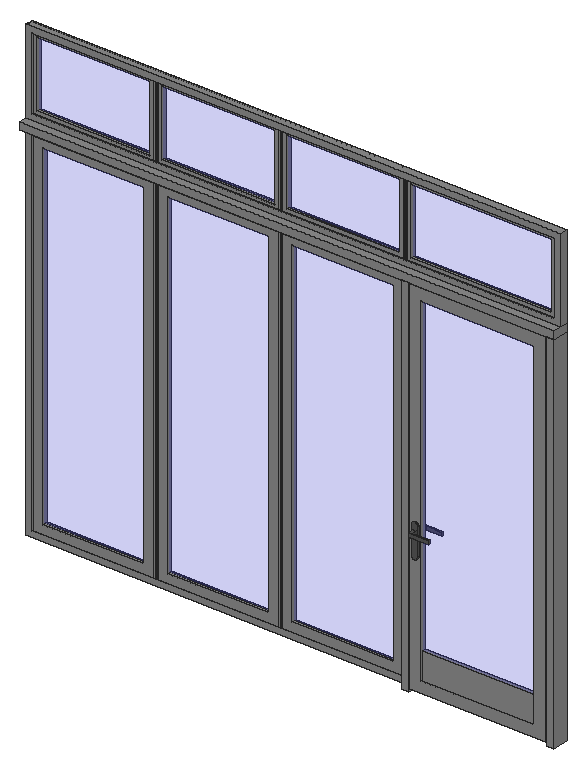
Revit family "Door_Swing Door_The Sliding Door Company_Single Door with Column Beam & Transom_3 Fixed Panel", category Doors, host Wall, Revit 2019
Family settings
  Host = Wall
  OmniClass Number = 23.30.10.00
  OmniClass Title = Doors
  Always vertical = Yes
  Cut with Voids When Loaded = No
  Shared = No
  Room Calculation Point = No
Parameters (values of type "Single Swing Door with Transom & 3 Fixed Panel")
  URL = "https://www.slidingdoorco.com"
  Thickness = 1 1/4"  # constant formula
  Transom Stile/Rail = 1 1/2"
  Transom Panel Height = Transom Order Height - 1 1/2"  # 20 1/2"
  Transom Order Width = SD Order Width + Column at Hinge Side + Column at Handle Side + FP Order Width  # 140"
  Transom Order Height = Finished Opening Height - SD Order Height - Beam  # 22"
  SD Top Side Gap = 1/4"  # constant formula
  Swing Angle [instance] = 90.00°
  SD Stile/Rail = 3"  # constant formula
  Stile, Rail, Door Stop, Kickplate, Column & Beam Material [instance] = TSDC - Powder Coat Charcoal Gray
  Round Designer Handle Finish [instance] = TSDC - Handle Black
  Push Round Designer Handle 12" = no
  Push Lever Set = yes
  Push Kickplate = yes
  Pull Round Designer Handle 12" = no
  SD Panel Width = Width - 3/8"  # 35 5/8"
  SD Panel Height = Height - 7/8"  # 95 1/8"
  PUSH = not(PULL)  # yes
  PULL = no
  Overall System Width = FP Order Width + Width + Column at Handle Side + Column at Hinge Side  # 140"
  Overall System Height = SD Order Height + Beam + Transom Order Height  # 120"
  SD Opening Clearance Height = Height - 1" / 2  # 95 1/2"
  SD Opening Clearance Width = Width - 5" / 8 - 1 7/8"  # 33 1/2"
  Model = "Swing Door with Column & Beam + Transom + 3 Fixed Panel"  # constant formula
  Maximum Transom Order Height = "48 inches"  # constant formula
  Maximum Door Panel Width = "40 inches"  # constant formula
  Maximum Door Panel Height = "108 inches"  # constant formula
  Maximum Door Swing = "120 degress"  # constant formula
  Manufacturer = "The Sliding Door Company"  # constant formula
  Pull Lever Set = no
  Pull Kickplate = no
  Lever Handle Finish [instance] = TSDC - Handle Black
  SD Hinge Side Gap = 1/4"  # constant formula
  SD Handle Side Gap = 1/8"  # constant formula
  Glass Material [instance] = TSDC - Clear Glass
  FP Glass Limitation = "Panel Width x System Height cannot exceed 7,400 square inches"  # constant formula
  Function = Interior
  Frame Projection Ext. = 1"
  Frame Projection Int. = 1"
  Frame Width = 3"
  Height = if(SD Order Height > 108 7/8", 108 7/8", SD Order Height)  # 96"
  Wall Closure = By host
  Width = if(SD Order Width > 40 3/8", 40 3/8", SD Order Width)  # 36"
  Fire Rating = "N/A"  # constant formula
  FP Stile/Rail = 3"
  FP Panel Width = (FP Order Width - 2" - 3/16") / 3  # 32.60417"
  FP Panel Height = FP Order Height - 1 1/2"  # 94 1/2"
  FP Order Width = Finished Opening Width - Width - Column at Handle Side - Column at Hinge Side  # 100"
  FP Order Height = Height  # 96"
  SD Order Width = 36"
  SD Order Height = 96"
  FP 3" Frame (No Support Dividers) = "Max. H=122 in. Max. W=52 in. panel width"  # constant formula
  FP 1 1/2" Frame (No Support Dividers) = "Max. H=108 in. Max. W=50 in. panel width"  # constant formula
  Finished Opening Width = 140"
  Finished Opening Height = 120"
  Description = "Swing Door with Column & Beam + Transom + 3 Fixed Panel"  # constant formula
  Contact Information = "https://www.slidingdoorco.com/contact"
  Column at Hinge Side = 2"
  ADA Opening Clearance = "Minimum of 32 inches Opening Clearance"  # constant formula
  SD Bottom Side Gap = 5/8"  # constant formula
  Column at Handle Side = 2"
  Beam = 2"
  Column & Beam Sizes = "Available Only in 2x4 & 4x4 Sizes"  # constant formula
Reference planes (in)
  plane 1 "Center (Front/Back)": y = 0
  plane 2 "Center (Left/Right)": x = 0
  plane 3 "Left": x = -18
  plane 4 "Right": x = 18
  plane 5 "Top": z = 96
  plane 6 "Exterior": y = 3
  plane 7 "Interior": y = -3
  plane 8 "hinge": x = 17.75
  plane 9 "handle": x = -17.875
  plane 10 "top side": z = 95.75
  plane 11 "bottom side": z = 0.625
  plane 12: x = -17.375
  plane 13: x = 16.125
  plane 14: y = 1.75
  plane 15: z = 36
  plane 16: z = 38
  plane 17: z = 10.625
  plane 18: x = -20
  plane 19: x = 20
  plane 20: y = -1
  plane 21: z = 98
  plane 22: x = -120
  plane 23: z = 0.75
  plane 24: x = -119
  plane 25: x = -21
  plane 26: x = -86.3333333
  plane 27: x = -86.3958333
  plane 28: x = -86.3020833
  plane 29: x = -53.6666667
  plane 30: x = -53.6979167
  plane 31: x = -53.6041667
  plane 32: z = 95.25
  plane 33: z = 120
  plane 34: x = 19
  plane 35: z = 119.25
  plane 36: z = 98.75
  plane 37: x = -20.90625
  plane 38: y = 0.25
Forms (in)
  Extrusion 1, solid, material "TSDC - Powder Coat Charcoal Gray" <- "Stile, Rail, Door Stop, Kickplate, Column & Beam Material", visible <- "PULL"
    sketch origin (0, 0, 0) x (1, 0, 0) y (0, 0, 1)
      loop
        line (17.75, 95.75) -> (-17.875, 95.75) -> (-17.875, 0.625) -> (17.75, 0.625) -> (17.75, 95.75)
      loop
        line (14.75, 92.75) -> (-14.875, 92.75) -> (-14.875, 3.625) -> (14.75, 3.625) -> (14.75, 92.75)
    from -3 to -1.75
  Extrusion 2, solid, material "TSDC - Clear Glass" <- "Glass Material", visible <- "PULL"
    sketch origin (0, 0, 0) x (1, 0, 0) y (0, 0, 1)
      loop
        line (14.75, 92.75) -> (-14.875, 92.75) -> (-14.875, 3.625) -> (14.75, 3.625) -> (14.75, 92.75)
    from -2.5 to -2.2773437
  Sweep 3, solid, not visible
    path origin (0, 0, 0) x (1, 0, 0) y (0, 0, 1)
      loop
        line (-20, 0) -> (-20, 108) -> (16.125, 108) -> (16.125, 0)
    profile origin (-20, 0, 54) x (-1, 0, 0) y (0, -1, 0)
      loop
        line (-0.4350682, -0.2853449) -> (-0.3716442, -0.3219628) -> (-0.3261896, -0.2957196) -> (-0.2788586, -0.3103573) -> (0, -0.3103573) -> (0, 0.9818302) -> (-0.274122, 0.9818302) -> (-0.3244755, 0.9662578) -> (-0.3779955, 0.9923612) -> (-0.4376557, 0.9579164)
        arc (-0.4376557, 0.9579164) -> (-0.4452512, 0.9295695) -> (-0.4169043, 0.921974) r 0.0207514
        line (-0.4169043, 0.921974) -> (-0.3760036, 0.945588) -> (-0.3150881, 0.9104184) -> (-0.2694227, 0.9367833) -> (-0.079, 0.9367833) -> (-0.079, -0.2672636) -> (-0.2694227, -0.2672636) -> (-0.3150881, -0.2408986) -> (-0.3750271, -0.2755044) -> (-0.4157969, -0.2519659)
        arc (-0.4157969, -0.2519659) -> (-0.442122, -0.2590197) -> (-0.4350682, -0.2853449) r 0.0192714
      loop
        arc (-0.3932442, -0.6690036) -> (-0.2465, -0.7110937) -> (-0.0997558, -0.6690036) r 0.2768517
        line (-0.0997558, -0.6690036) -> (-0.0917465, -0.5659293) -> (-0.2465, -0.5190055) -> (-0.4012535, -0.5659293) -> (-0.3932442, -0.6690036)
      loop
        line (-0.3245894, 0.9760109) -> (-0.2695482, 0.9955489) -> (0, 0.9955489) -> (0, 1.0467364) -> (-0.512, 1.0467364) -> (-0.512, -0.4532636) -> (-0.325, -0.4532636) -> (-0.325, -0.4181698) -> (-0.394, -0.4181698) -> (-0.394, -0.3694042) -> (-0.099, -0.3694042) -> (-0.099, -0.4181698) -> (-0.168, -0.4181698) -> (-0.168, -0.4532636) -> (0, -0.4532636) -> (0, -0.3182167) -> (-0.2819282, -0.3182167) -> (-0.3251091, -0.3048624) -> (-0.3657274, -0.3302167) -> (-0.457, -0.3302167) -> (-0.457, 1.0016896) -> (-0.3657275, 1.0016896) -> (-0.3245894, 0.9760109)
      loop
        line (-0.0665, -0.6928078) -> (-0.0546726, -0.5405971) -> (-0.1979034, -0.4971673) -> (-0.1979034, -0.411631) -> (-0.1274176, -0.411631) -> (-0.1274176, -0.3790309) -> (-0.3655824, -0.3790309) -> (-0.3655824, -0.411631) -> (-0.2950966, -0.411631) -> (-0.2950966, -0.4971673) -> (-0.4383274, -0.5405971) -> (-0.4265, -0.6928078)
        arc (-0.4265, -0.6928078) -> (-0.3630851, -0.7351291) -> (-0.2883072, -0.7499888) r 0.1955799
        line (-0.2883072, -0.7499888) -> (-0.2047666, -0.7499888)
        arc (-0.2047666, -0.7499888) -> (-0.1299546, -0.7351296) -> (-0.0665, -0.6928078) r 0.1957584
  Sweep 4, solid, not visible
    path origin (2, 0, 0) x (1, 0, 0) y (0, 0, 1)
      loop
        line (-20, 0) -> (-20, 96) -> (16, 96) -> (16, 0)
    profile origin (-18, 0, 48) x (-1, 0, 0) y (0, -1, 0)
      loop
        line (-0.4350682, -0.2853449) -> (-0.3716442, -0.3219628) -> (-0.3261896, -0.2957196) -> (-0.2788586, -0.3103573) -> (0, -0.3103573) -> (0, 0.9818302) -> (-0.274122, 0.9818302) -> (-0.3244755, 0.9662578) -> (-0.3779955, 0.9923612) -> (-0.4376557, 0.9579164)
        arc (-0.4376557, 0.9579164) -> (-0.4452512, 0.9295695) -> (-0.4169043, 0.921974) r 0.0207514
        line (-0.4169043, 0.921974) -> (-0.3760036, 0.945588) -> (-0.3150881, 0.9104184) -> (-0.2694227, 0.9367833) -> (-0.079, 0.9367833) -> (-0.079, -0.2672636) -> (-0.2694227, -0.2672636) -> (-0.3150881, -0.2408986) -> (-0.3750271, -0.2755044) -> (-0.4157969, -0.2519659)
        arc (-0.4157969, -0.2519659) -> (-0.442122, -0.2590197) -> (-0.4350682, -0.2853449) r 0.0192714
      loop
        arc (-0.3932442, -0.6690036) -> (-0.2465, -0.7110937) -> (-0.0997558, -0.6690036) r 0.2768517
        line (-0.0997558, -0.6690036) -> (-0.0917465, -0.5659293) -> (-0.2465, -0.5190055) -> (-0.4012535, -0.5659293) -> (-0.3932442, -0.6690036)
      loop
        line (-0.3245894, 0.9760109) -> (-0.2695482, 0.9955489) -> (0, 0.9955489) -> (0, 1.0467364) -> (-0.512, 1.0467364) -> (-0.512, -0.4532636) -> (-0.325, -0.4532636) -> (-0.325, -0.4181698) -> (-0.394, -0.4181698) -> (-0.394, -0.3694042) -> (-0.099, -0.3694042) -> (-0.099, -0.4181698) -> (-0.168, -0.4181698) -> (-0.168, -0.4532636) -> (0, -0.4532636) -> (0, -0.3182167) -> (-0.2819282, -0.3182167) -> (-0.3251091, -0.3048624) -> (-0.3657274, -0.3302167) -> (-0.457, -0.3302167) -> (-0.457, 1.0016896) -> (-0.3657275, 1.0016896) -> (-0.3245894, 0.9760109)
      loop
        line (-0.0665, -0.6928078) -> (-0.0546726, -0.5405971) -> (-0.1979034, -0.4971673) -> (-0.1979034, -0.411631) -> (-0.1274176, -0.411631) -> (-0.1274176, -0.3790309) -> (-0.3655824, -0.3790309) -> (-0.3655824, -0.411631) -> (-0.2950966, -0.411631) -> (-0.2950966, -0.4971673) -> (-0.4383274, -0.5405971) -> (-0.4265, -0.6928078)
        arc (-0.4265, -0.6928078) -> (-0.3630851, -0.7351291) -> (-0.2883072, -0.7499888) r 0.1955799
        line (-0.2883072, -0.7499888) -> (-0.2047666, -0.7499888)
        arc (-0.2047666, -0.7499888) -> (-0.1299546, -0.7351296) -> (-0.0665, -0.6928078) r 0.1957584
  Extrusion 5, solid, material "TSDC - Powder Coat Charcoal Gray" <- "Stile, Rail, Door Stop, Kickplate, Column & Beam Material", visible <- "PULL"
    sketch origin (0, 0, 0) x (1, 0, 0) y (0, 0, 1)
      loop
        line (-18, 96) -> (-18, 0) -> (-17.5, 0) -> (-17.5, 95.5) -> (17.5, 95.5) -> (17.5, 0) -> (18, 0) -> (18, 96) -> (-18, 96)
    from -1.75 to 0
  Extrusion 6, solid, not visible
    sketch origin (0, -1.25, 0) x (1, 0, 0) y (0, 1, 0)
      loop
        line (-18.6875, 2.625) -> (-18.6875, 0.8125)
        arc (-18.6875, 0.8125) -> (-18.375, 1.125) -> (-18.0625, 0.8125) r 0.3125
        line (-18.0625, 0.8125) -> (-18.0625, 2.625) -> (-18.6875, 2.625)
    from 1 to 1.75
  Extrusion 7, solid, not visible
    sketch origin (0, -1.25, 0) x (1, 0, 0) y (0, 1, 0)
      loop
        line (-18.6875, 2.625) -> (-18.6875, 0.8125)
        arc (-18.6875, 0.8125) -> (-18.375, 1.125) -> (-18.0625, 0.8125) r 0.3125
        line (-18.0625, 0.8125) -> (-18.0625, 2.625) -> (-18.6875, 2.625)
    from 10.25 to 11
  Extrusion 8, solid, not visible
    sketch origin (0, 0.0841657, 0) x (1, 0, 0) y (0, 1, 0)
      loop
        circle (-18.3735619, -0.521669) r 0.3125
    from 0 to 12
  Extrusion 9, solid, material "TSDC - Powder Coat Charcoal Gray" <- "Stile, Rail, Door Stop, Kickplate, Column & Beam Material", visible <- "Pull Kickplate"
    sketch origin (0, 0, 0) x (1, 0, 0) y (0, 1, 0)
      loop
        line (-14.875, 2.875) -> (-14.875, 1.875) -> (14.75, 1.875) -> (14.75, 2.875) -> (-14.875, 2.875)
    from 3.625 to 10.625
  Extrusion 10, solid, material "TSDC - Powder Coat Charcoal Gray" <- "Stile, Rail, Door Stop, Kickplate, Column & Beam Material"
    sketch origin (0, 0, 0) x (1, 0, 0) y (0, 1, 0)
      loop
        line (-18, 3) -> (-20, 3) -> (-20, -1) -> (-18, -1) -> (-18, 3)
    from 0 to 96
  Extrusion 11, solid, material "TSDC - Powder Coat Charcoal Gray" <- "Stile, Rail, Door Stop, Kickplate, Column & Beam Material"
    sketch origin (0, 0, 0) x (1, 0, 0) y (0, 1, 0)
      loop
        line (20, 3) -> (18, 3) -> (18, -1) -> (20, -1) -> (20, 3)
    from 0 to 96
  Extrusion 12, solid, material "TSDC - Powder Coat Charcoal Gray" <- "Stile, Rail, Door Stop, Kickplate, Column & Beam Material"
    sketch origin (0, 0, 0) x (1, 0, 0) y (0, 0, 1)
      loop
        line (20, 98) -> (-120, 98) -> (-120, 96) -> (20, 96) -> (20, 98)
    from -3 to 1
  Extrusion 13, solid, material "TSDC - Powder Coat Charcoal Gray" <- "Stile, Rail, Door Stop, Kickplate, Column & Beam Material"
    sketch origin (0, 0, 0) x (1, 0, 0) y (0, 0, 1)
      loop
        line (-119, 95.25) -> (-119, 0.75) -> (-86.3958333, 0.75) -> (-86.3958333, 95.25) -> (-119, 95.25)
      loop
        line (-116, 92.25) -> (-116, 3.75) -> (-89.3958333, 3.75) -> (-89.3958333, 92.25) -> (-116, 92.25)
    from -2.6498 to -1.3998
  Extrusion 14, solid, material "TSDC - Powder Coat Charcoal Gray" <- "Stile, Rail, Door Stop, Kickplate, Column & Beam Material"
    sketch origin (0, 0, 0) x (1, 0, 0) y (0, 0, 1)
      loop
        line (-86.3020833, 95.25) -> (-86.3020833, 0.75) -> (-53.6979167, 0.75) -> (-53.6979167, 95.25) -> (-86.3020833, 95.25)
      loop
        line (-56.6979167, 3.75) -> (-56.6979167, 92.25) -> (-83.3020833, 92.25) -> (-83.3020833, 3.75) -> (-56.6979167, 3.75)
    from -2.6498 to -1.3998
  Extrusion 15, solid, material "TSDC - Powder Coat Charcoal Gray" <- "Stile, Rail, Door Stop, Kickplate, Column & Beam Material"
    sketch origin (0, 0, 0) x (1, 0, 0) y (0, 0, 1)
      loop
        line (-53.6041667, 95.25) -> (-53.6041667, 0.75) -> (-21, 0.75) -> (-21, 95.25) -> (-53.6041667, 95.25)
      loop
        line (-24, 3.75) -> (-24, 92.25) -> (-50.6041667, 92.25) -> (-50.6041667, 3.75) -> (-24, 3.75)
    from -2.6498 to -1.3998
  Extrusion 16, solid, material "TSDC - Clear Glass" <- "Glass Material"
    sketch origin (0, 0, 0) x (1, 0, 0) y (0, 0, 1)
      loop
        line (-116, 92.25) -> (-116, 3.75) -> (-89.3958333, 3.75) -> (-89.3958333, 92.25) -> (-116, 92.25)
    from -2.1498 to -1.8998
  Extrusion 17, solid, material "TSDC - Clear Glass" <- "Glass Material"
    sketch origin (0, 0, 0) x (1, 0, 0) y (0, 0, 1)
      loop
        line (-83.3020833, 92.25) -> (-83.3020833, 3.75) -> (-56.6979167, 3.75) -> (-56.6979167, 92.25) -> (-83.3020833, 92.25)
    from -2.1498 to -1.8998
  Extrusion 18, solid, material "TSDC - Clear Glass" <- "Glass Material"
    sketch origin (0, 0, 0) x (1, 0, 0) y (0, 0, 1)
      loop
        line (-50.6041667, 92.25) -> (-50.6041667, 3.75) -> (-24, 3.75) -> (-24, 92.25) -> (-50.6041667, 92.25)
    from -2.1498 to -1.8998
  Extrusion 19, solid, material "TSDC - Powder Coat Charcoal Gray" <- "Stile, Rail, Door Stop, Kickplate, Column & Beam Material"
    sketch origin (0, 0, 0) x (1, 0, 0) y (0, 1, 0)
      loop
        line (-86.7864583, 2.6888625) -> (-86.7864583, 2.6498) -> (-86.3958333, 2.6498) -> (-86.3958333, 1.3998) -> (-86.7864583, 1.3998) -> (-86.7864583, 1.3607375) -> (-85.9114583, 1.3607375) -> (-85.9114583, 1.3998) -> (-86.3020833, 1.3998) -> (-86.3020833, 2.6498) -> (-85.9114583, 2.6498) -> (-85.9114583, 2.6888625) -> (-86.7864583, 2.6888625)
    from 1.5 to 96
  Extrusion 20, solid, material "TSDC - Powder Coat Charcoal Gray" <- "Stile, Rail, Door Stop, Kickplate, Column & Beam Material"
    sketch origin (0, 0, 0) x (1, 0, 0) y (0, 1, 0)
      loop
        line (-54.0885417, 2.6888625) -> (-54.0885417, 2.6498) -> (-53.6979167, 2.6498) -> (-53.6979167, 1.3998) -> (-54.0885417, 1.3998) -> (-54.0885417, 1.3607375) -> (-53.2135417, 1.3607375) -> (-53.2135417, 1.3998) -> (-53.6041667, 1.3998) -> (-53.6041667, 2.6498) -> (-53.2135417, 2.6498) -> (-53.2135417, 2.6888625) -> (-54.0885417, 2.6888625)
    from 1.5 to 96
  Sweep 21, solid, material "TSDC - Powder Coat Charcoal Gray" <- "Stile, Rail, Door Stop, Kickplate, Column & Beam Material"
    path origin (0, 0, 0) x (1, 0, 0) y (0, 0, 1)
      loop
        line (-120, 96) -> (-120, 0) -> (-20, 0) -> (-20, 96) -> (-120, 96)
    profile origin (-120, 0, 48) x (0, -1, 0) y (1, 0, 0)
      loop
        line (-3, 0) -> (-1.0248, 0) -> (-1.0248, 1.5) -> (-1.3607375, 1.5) -> (-1.3607375, 0.0625) -> (-2.6888625, 0.0625) -> (-2.6888625, 1.5) -> (-3, 1.5) -> (-3, 0)
  Sweep 22, solid, material "TSDC - Powder Coat Charcoal Gray" <- "Stile, Rail, Door Stop, Kickplate, Column & Beam Material"
    path origin (0, 0, 0) x (1, 0, 0) y (0, 0, 1)
      loop
        line (-120, 120) -> (-120, 98) -> (20, 98) -> (20, 120) -> (-120, 120)
    profile origin (-120, 0, 109) x (0, -1, 0) y (1, 0, 0)
      loop
        line (-3, 0) -> (-1.0248, 0) -> (-1.0248, 1.5) -> (-1.3607375, 1.5) -> (-1.3607375, 0.0625) -> (-2.6888625, 0.0625) -> (-2.6888625, 1.5) -> (-3, 1.5) -> (-3, 0)
  Extrusion 23, solid, material "TSDC - Powder Coat Charcoal Gray" <- "Stile, Rail, Door Stop, Kickplate, Column & Beam Material"
    sketch origin (0, 0, 0) x (1, 0, 0) y (0, 0, 1)
      loop
        line (19, 119.25) -> (-20.90625, 119.25) -> (-20.90625, 98.75) -> (19, 98.75) -> (19, 119.25)
      loop
        line (17.5, 117.75) -> (-19.40625, 117.75) -> (-19.40625, 100.25) -> (17.5, 100.25) -> (17.5, 117.75)
    from -2.6498 to -1.3998
  Extrusion 24, solid, material "TSDC - Powder Coat Charcoal Gray" <- "Stile, Rail, Door Stop, Kickplate, Column & Beam Material"
    sketch origin (0, 0, 0) x (1, 0, 0) y (0, 0, 1)
      loop
        line (-119, 119.25) -> (-119, 98.75) -> (-86.3958333, 98.75) -> (-86.3958333, 119.25) -> (-119, 119.25)
      loop
        line (-117.5, 117.75) -> (-117.5, 100.25) -> (-87.8958333, 100.25) -> (-87.8958333, 117.75) -> (-117.5, 117.75)
    from -2.6498 to -1.3998
  Extrusion 25, solid, material "TSDC - Powder Coat Charcoal Gray" <- "Stile, Rail, Door Stop, Kickplate, Column & Beam Material"
    sketch origin (0, 0, 0) x (1, 0, 0) y (0, 0, 1)
      loop
        line (-86.3020833, 119.25) -> (-86.3020833, 98.75) -> (-53.6979167, 98.75) -> (-53.6979167, 119.25) -> (-86.3020833, 119.25)
      loop
        line (-84.8020833, 117.75) -> (-84.8020833, 100.25) -> (-55.1979167, 100.25) -> (-55.1979167, 117.75) -> (-84.8020833, 117.75)
    from -2.6498 to -1.3998
  Extrusion 26, solid, material "TSDC - Powder Coat Charcoal Gray" <- "Stile, Rail, Door Stop, Kickplate, Column & Beam Material"
    sketch origin (0, 0, 0) x (1, 0, 0) y (0, 0, 1)
      loop
        line (-53.6041667, 119.25) -> (-53.6041667, 98.75) -> (-21, 98.75) -> (-21, 119.25) -> (-53.6041667, 119.25)
      loop
        line (-52.1041667, 117.75) -> (-52.1041667, 100.25) -> (-22.5, 100.25) -> (-22.5, 117.75) -> (-52.1041667, 117.75)
    from -2.6498 to -1.3998
  Extrusion 27, solid, material "TSDC - Clear Glass" <- "Glass Material"
    sketch origin (0, 0, 0) x (1, 0, 0) y (0, 0, 1)
      loop
        line (-117.5, 117.75) -> (-117.5, 100.25) -> (-87.8958333, 100.25) -> (-87.8958333, 117.75) -> (-117.5, 117.75)
    from -2.1498 to -1.8998
  Extrusion 28, solid, material "TSDC - Clear Glass" <- "Glass Material"
    sketch origin (0, 0, 0) x (1, 0, 0) y (0, 0, 1)
      loop
        line (-84.8020833, 117.75) -> (-84.8020833, 100.25) -> (-55.1979167, 100.25) -> (-55.1979167, 117.75) -> (-84.8020833, 117.75)
    from -2.1498 to -1.8998
  Extrusion 29, solid, material "TSDC - Clear Glass" <- "Glass Material"
    sketch origin (0, 0, 0) x (1, 0, 0) y (0, 0, 1)
      loop
        line (-52.1041667, 117.75) -> (-52.1041667, 100.25) -> (-22.5, 100.25) -> (-22.5, 117.75) -> (-52.1041667, 117.75)
    from -2.1498 to -1.8998
  Extrusion 30, solid, material "TSDC - Clear Glass" <- "Glass Material"
    sketch origin (0, 0, 0) x (1, 0, 0) y (0, 0, 1)
      loop
        line (-19.40625, 117.75) -> (-19.40625, 100.25) -> (17.5, 100.25) -> (17.5, 117.75) -> (-19.40625, 117.75)
    from -2.1498 to -1.8998
  Extrusion 31, solid, material "TSDC - Powder Coat Charcoal Gray" <- "Stile, Rail, Door Stop, Kickplate, Column & Beam Material"
    sketch origin (0, 0, 0) x (1, 0, 0) y (0, 1, 0)
      loop
        line (-86.7864583, 2.6888625) -> (-86.7864583, 2.6498) -> (-86.3958333, 2.6498) -> (-86.3958333, 1.3998) -> (-86.7864583, 1.3998) -> (-86.7864583, 1.3607375) -> (-85.9114583, 1.3607375) -> (-85.9114583, 1.3998) -> (-86.3020833, 1.3998) -> (-86.3020833, 2.6498) -> (-85.9114583, 2.6498) -> (-85.9114583, 2.6888625) -> (-86.7864583, 2.6888625)
    from 98.75 to 119.25
  Extrusion 32, solid, material "TSDC - Powder Coat Charcoal Gray" <- "Stile, Rail, Door Stop, Kickplate, Column & Beam Material"
    sketch origin (0, 0, 0) x (1, 0, 0) y (0, 1, 0)
      loop
        line (-54.0885417, 2.6888625) -> (-54.0885417, 2.6498) -> (-53.6979167, 2.6498) -> (-53.6979167, 1.3998) -> (-54.0885417, 1.3998) -> (-54.0885417, 1.3607375) -> (-53.2135417, 1.3607375) -> (-53.2135417, 1.3998) -> (-53.6041667, 1.3998) -> (-53.6041667, 2.6498) -> (-53.2135417, 2.6498) -> (-53.2135417, 2.6888625) -> (-54.0885417, 2.6888625)
    from 98.75 to 119.25
  Extrusion 33, solid, material "TSDC - Powder Coat Charcoal Gray" <- "Stile, Rail, Door Stop, Kickplate, Column & Beam Material"
    sketch origin (0, 0, 0) x (1, 0, 0) y (0, 1, 0)
      loop
        line (-21.390625, 2.6888625) -> (-21.390625, 2.6498) -> (-21, 2.6498) -> (-21, 1.3998) -> (-21.390625, 1.3998) -> (-21.390625, 1.3607375) -> (-20.515625, 1.3607375) -> (-20.515625, 1.3998) -> (-20.90625, 1.3998) -> (-20.90625, 2.6498) -> (-20.515625, 2.6498) -> (-20.515625, 2.6888625) -> (-21.390625, 2.6888625)
    from 98.75 to 119.25
  Extrusion 34, solid, material "TSDC - Powder Coat Charcoal Gray" <- "Stile, Rail, Door Stop, Kickplate, Column & Beam Material", visible <- "PUSH"
    sketch origin (0, 0, 0) x (1, 0, 0) y (0, 0, 1)
      loop
        line (-17.875, 95.75) -> (-17.875, 0.625) -> (17.75, 0.625) -> (17.75, 95.75) -> (-17.875, 95.75)
      loop
        line (-14.875, 92.75) -> (-14.875, 3.625) -> (14.75, 3.625) -> (14.75, 92.75) -> (-14.875, 92.75)
    from -0.25 to 1
  Extrusion 35, solid, material "TSDC - Clear Glass" <- "Glass Material", visible <- "PUSH"
    sketch origin (0, 0, 0) x (1, 0, 0) y (0, 0, 1)
      loop
        line (-14.875, 92.75) -> (-14.875, 3.625) -> (14.75, 3.625) -> (14.75, 92.75) -> (-14.875, 92.75)
    from 0.25 to 0.5
  Extrusion 36, solid, material "TSDC - Powder Coat Charcoal Gray" <- "Stile, Rail, Door Stop, Kickplate, Column & Beam Material", visible <- "Push Kickplate"
    sketch origin (0, -2.75, 0) x (1, 0, 0) y (0, 1, 0)
      loop
        line (-14.875, 2.875) -> (-14.875, 1.875) -> (14.75, 1.875) -> (14.75, 2.875) -> (-14.875, 2.875)
    from 3.625 to 10.625
  Extrusion 37, solid, material "TSDC - Powder Coat Charcoal Gray" <- "Stile, Rail, Door Stop, Kickplate, Column & Beam Material", visible <- "PUSH"
    sketch origin (0, 0, 0) x (1, 0, 0) y (0, 0, 1)
      loop
        line (18, 96) -> (-18, 96) -> (-18, 0) -> (-17.5, 0) -> (-17.5, 95.5) -> (17.5, 95.5) -> (17.5, 0) -> (18, 0) -> (18, 96)
    from -2 to -0.25
Lines and regions (in)
  Opening 1
    outline origin (-90, -3, 0) x (1, 0, 0) y (0, 0, 1)
      loop
        line (-30, 0) -> (110, 0) -> (110, 120) -> (-30, 120) -> (-30, 0)
  symbolic lines, style "Elevation Swing"
    curve 1: line (-17.875, 0, 95.75) -> (17.75, 0, 48)
    curve 2: line (17.75, 0, 48) -> (-17.875, 0, 0.625)
Text (in)
  text "Exterior" at (-108.9673292, 27.3110449, 0), in view "Ref. Level"
  text "Interior" at (-108.9673292, -25.1436555, 0), in view "Ref. Level"
  text "Exterior" at (0, 40.1514891, 123.0158834), in view "Right"
  text "Interior" at (0, -64.3913889, 123.0158834), in view "Right"
  text "Interior" at (0, -31.0159946, 123.0069277), in view "Left"
  text "Exterior" at (0, 54.5706505, 123.0069277), in view "Left"
Dimensions and locks (in)
  equal spacing: plane 3 "Left", plane 2 "Center (Left/Right)", plane 4 "Right"
  "SD Hinge Side Gap": plane 8 "hinge" to plane 4 "Right"
  "SD Handle Side Gap": plane 3 "Left" to plane 9 "handle"
  "SD Top Side Gap": plane 10 "top side" to plane 5 "Top"
  "SD Bottom Side Gap": level to plane 11 "bottom side"
  "SD Stile/Rail": Extrusion 1 to Extrusion 1  (x4)
  "Height": level to plane 5 "Top"
  locked: Extrusion 1 to Extrusion 1 at 1.25
  "Width": plane 3 "Left" to plane 4 "Right"
  locked: plane 3 "Left" to plane 12 at 0.625
  locked: plane 13 to plane 4 "Right" at 1.875
  locked: plane 14 to plane 6 "Exterior" at 1.25
  Extrusion 5 sketch curve to Extrusion 5 sketch curve = 1/2"  (x3)
  locked: Extrusion 5 to plane 14 at 1.75
  locked: Extrusion 1 to Extrusion 2 at 0.5
  locked: Extrusion 1 to Extrusion 2 at 0.5273438
  equal spacing: level, curve 2, plane 5 "Top"
  locked: Extrusion 1 to nested 2 at 1.5
  locked: Extrusion 1 to nested 3 at 1.5
  locked: plane 15 to level at 36
  locked: Extrusion 1 to nested 6 at 1.5
  locked: Extrusion 1 to nested 7 at 1.5
  locked: plane 16 to level at 38
  locked: plane 17 to plane 11 "bottom side" at 10
  "Column at Handle Side": plane 18 to plane 3 "Left"
  "Column at Hinge Side": plane 4 "Right" to plane 19
  "Beam": plane 5 "Top" to plane 21
  locked: plane 20 to plane 6 "Exterior" at 4
  locked: plane 22 to plane 24 at 1
  locked: plane 25 to plane 18 at 1
  "Finished Opening Width": plane 22 to plane 19
  locked: plane 27 to plane 26 at 0.0625
  locked: plane 26 to plane 28 at 0.03125
  locked: plane 30 to plane 29 at 0.03125
  locked: plane 29 to plane 31 at 0.0625
  "FP Stile/Rail": Extrusion 13 to plane 23
  "FP Stile/Rail": Extrusion 13 to plane 24
  "FP Stile/Rail": Extrusion 13 to plane 27
  locked: Extrusion 13 to Extrusion 16 at 0.5  (x2)
  locked: Extrusion 14 to Extrusion 17 at 0.5  (x2)
  locked: Extrusion 15 to Extrusion 18 at 0.5  (x2)
  equal spacing: plane 24, plane 26, plane 29, plane 25
  locked: plane 5 "Top" to plane 32 at 0.75
  locked: Sweep 21 to Sweep 21 at 1.9752
  locked: Sweep 21 to Sweep 21 at 1.328125
  locked: Sweep 21 to Extrusion 13 at 0.3502
  locked: Sweep 21 to Extrusion 13 at 0.375
  locked: Sweep 21 to Extrusion 14 at 0.375
  locked: Sweep 21 to Extrusion 15 at 0.3502
  locked: Sweep 21 to Extrusion 15 at 0.375
  locked: Sweep 21 to Extrusion 14 at 0.3502
  "FP Stile/Rail": plane 32 to Extrusion 13
  "FP Stile/Rail": plane 28 to Extrusion 14
  "FP Stile/Rail": Extrusion 14 to plane 30
  "FP Stile/Rail": plane 31 to Extrusion 15
  "FP Stile/Rail": Extrusion 15 to plane 25
  "FP Stile/Rail": Extrusion 14 to plane 23
  "FP Stile/Rail": Extrusion 15 to plane 23
  "FP Stile/Rail": plane 32 to Extrusion 14
  "FP Stile/Rail": plane 32 to Extrusion 15
  "Finished Opening Height": plane 33 to level
  locked: plane 34 to plane 19 at 1
  locked: plane 36 to plane 21 at 0.75
  locked: plane 33 to plane 35 at 0.75
  locked: plane 25 to plane 37 at 0.09375
  locked: Extrusion 12 to Sweep 22 at 1.9752
  locked: Sweep 22 to Sweep 22 at 1.328125
  locked: Extrusion 12 to Extrusion 23 at 0.3502
  locked: Sweep 22 to Extrusion 23 at 0.375
  locked: Sweep 22 to Extrusion 24 at 0.3502
  locked: Sweep 22 to Extrusion 24 at 0.375
  locked: Sweep 22 to Extrusion 25 at 0.3502
  locked: Sweep 22 to Extrusion 25 at 0.375
  locked: Sweep 22 to Extrusion 26 at 0.3502
  locked: Sweep 22 to Extrusion 26 at 0.375
  locked: Sweep 22 to Extrusion 23 at 0.3502
  locked: Extrusion 23 to Extrusion 30 at 0.5  (x2)
  locked: Extrusion 26 to Extrusion 29 at 0.5  (x2)
  locked: Extrusion 25 to Extrusion 28 at 0.5  (x2)
  locked: Extrusion 24 to Extrusion 27 at 0.5  (x2)
  "Transom Stile/Rail": plane 35 to Extrusion 24
  "Transom Stile/Rail": plane 35 to Extrusion 25
  "Transom Stile/Rail": plane 35 to Extrusion 26
  "Transom Stile/Rail": plane 35 to Extrusion 23
  "Transom Stile/Rail": Extrusion 24 to plane 36
  "Transom Stile/Rail": Extrusion 25 to plane 36
  "Transom Stile/Rail": Extrusion 26 to plane 36
  "Transom Stile/Rail": Extrusion 23 to plane 36
  "Transom Stile/Rail": Extrusion 24 to plane 24
  "Transom Stile/Rail": Extrusion 24 to Extrusion 24
  "Transom Stile/Rail": Extrusion 25 to Extrusion 25  (x2)
  "Transom Stile/Rail": Extrusion 26 to Extrusion 26  (x2)
  "Transom Stile/Rail": Extrusion 23 to Extrusion 23
  "Transom Stile/Rail": Extrusion 23 to plane 34
  locked: plane 38 to plane 20 at 1.25
  locked: Extrusion 34 to Extrusion 34 at 1.25
  locked: Extrusion 34 to Extrusion 35 at 0.5  (x2)
  locked: Extrusion 5 to Extrusion 37 sketch curve at 0.5
  locked: Extrusion 11 to Extrusion 37 sketch curve at 0.5
  locked: Extrusion 37 sketch curve to Extrusion 10 at 0.5
  locked: Extrusion 34 to Extrusion 36 at 0.125  (x2)
  locked: Extrusion 37 to Extrusion 37 at 1.75
  locked: Extrusion 34 to nested 10 at 1.5
  locked: Extrusion 34 to nested 9 at 1.5
  locked: Extrusion 34 to nested 12 at 1.5
  locked: Extrusion 34 to nested 11 at 1.5
  aligned and locked: Opening 1 sketch curve to level
  aligned and locked: plane 6 "Exterior" to host wall
  aligned and locked: host wall to plane 7 "Interior"
  aligned and locked: Extrusion 1 sketch curve to plane 10 "top side"
  aligned and locked: plane 8 "hinge" to Extrusion 1 sketch curve
  aligned and locked: plane 11 "bottom side" to Extrusion 1 sketch curve
  aligned and locked: Extrusion 1 sketch curve to plane 9 "handle"
  aligned and locked: Extrusion 2 sketch curve to Extrusion 1  (x4)
  aligned and locked: Extrusion 1 to Extrusion 2  (x2)
  aligned and locked: Extrusion 5 sketch curve to plane 3 "Left"
  aligned and locked: plane 4 "Right" to Extrusion 5 sketch curve
  aligned and locked: plane 5 "Top" to Extrusion 5 sketch curve
  aligned and locked: Extrusion 5 sketch curve to level  (x2)
  aligned and locked: Extrusion 5 to Extrusion 1
  aligned and locked: plane 8 "hinge" to nested 1
  aligned and locked: plane 17 to Extrusion 9
  aligned and locked: Extrusion 9 to Extrusion 1  (x3)
  aligned and locked: Extrusion 1 to plane 6 "Exterior"
  aligned and locked: plane 14 to nested 1
  aligned and locked: plane 6 "Exterior" to nested 7
  aligned and locked: plane 14 to nested 6
  aligned and locked: nested 2 to plane 14
  aligned and locked: plane 19 to Opening 1 sketch curve
  aligned and locked: host wall to Extrusion 10 sketch curve
  aligned and locked: Extrusion 10 sketch curve to plane 3 "Left"
  aligned and locked: Extrusion 10 sketch curve to plane 20
  aligned and locked: Extrusion 10 sketch curve to plane 18
  aligned and locked: host wall to Extrusion 11 sketch curve  (x2)
  aligned and locked: Extrusion 11 sketch curve to plane 20
  aligned and locked: plane 4 "Right" to Extrusion 11 sketch curve
  aligned and locked: Extrusion 12 sketch curve to Extrusion 5
  aligned and locked: host wall to Extrusion 12
  aligned and locked: Extrusion 12 to plane 20
  aligned and locked: Opening 1 sketch curve to plane 22
  aligned and locked: Extrusion 1 to nested 3
  aligned and locked: plane 27 to Extrusion 13 sketch curve
  aligned and locked: plane 23 to Extrusion 13 sketch curve
  aligned and locked: Extrusion 13 sketch curve to plane 24
  aligned and locked: Extrusion 14 sketch curve to plane 28
  aligned and locked: plane 30 to Extrusion 14 sketch curve
  aligned and locked: plane 23 to Extrusion 14 sketch curve
  aligned and locked: Extrusion 15 sketch curve to plane 31
  aligned and locked: plane 25 to Extrusion 15 sketch curve
  aligned and locked: plane 23 to Extrusion 15 sketch curve
  aligned and locked: Extrusion 16 sketch curve to Extrusion 13  (x2)
  aligned and locked: Extrusion 13 to Extrusion 16 sketch curve
  aligned and locked: Extrusion 17 sketch curve to Extrusion 14  (x2)
  aligned and locked: Extrusion 14 to Extrusion 17 sketch curve
  aligned and locked: Extrusion 18 sketch curve to Extrusion 15  (x2)
  aligned and locked: Extrusion 15 to Extrusion 18 sketch curve
  aligned and locked: Extrusion 19 sketch curve to Extrusion 19 sketch curve  (x2)
  aligned and locked: Extrusion 14 to Extrusion 19 sketch curve  (x2)
  aligned and locked: plane 28 to Extrusion 19 sketch curve
  aligned and locked: plane 27 to Extrusion 19 sketch curve
  aligned and locked: Extrusion 20 sketch curve to Extrusion 20 sketch curve  (x2)
  aligned and locked: Extrusion 15 to Extrusion 20 sketch curve  (x2)
  aligned and locked: plane 30 to Extrusion 20 sketch curve
  aligned and locked: plane 31 to Extrusion 20 sketch curve
  aligned and locked: Extrusion 11 to plane 5 "Top"
  aligned and locked: Extrusion 10 to plane 5 "Top"
  aligned and locked: plane 19 to Extrusion 12 sketch curve
  aligned and locked: plane 18 to Sweep 21 sketch curve
  aligned and locked: Sweep 21 sketch curve to plane 5 "Top"
  aligned and locked: Sweep 21 sketch curve to plane 22
  aligned and locked: Extrusion 19 to plane 5 "Top"
  aligned and locked: Extrusion 20 to plane 5 "Top"
  aligned and locked: plane 32 to Extrusion 13 sketch curve
  aligned and locked: Extrusion 16 to Extrusion 13
  aligned and locked: plane 32 to Extrusion 14 sketch curve
  aligned and locked: Extrusion 17 to Extrusion 13
  aligned and locked: plane 32 to Extrusion 15 sketch curve
  aligned and locked: Extrusion 18 to Extrusion 14
  aligned and locked: Extrusion 12 sketch curve to plane 22
  aligned and locked: host wall to Sweep 21 sketch curve
  aligned and locked: Opening 1 sketch curve to plane 33
  aligned and locked: Sweep 22 sketch curve to plane 22
  aligned and locked: Sweep 22 sketch curve to plane 21
  aligned and locked: plane 19 to Sweep 22 sketch curve
  aligned and locked: plane 33 to Sweep 22 sketch curve
  aligned and locked: host wall to Sweep 22 sketch curve
  aligned and locked: Extrusion 23 sketch curve to plane 35
  aligned and locked: Extrusion 23 sketch curve to plane 34
  aligned and locked: plane 36 to Extrusion 23 sketch curve
  aligned and locked: plane 37 to Extrusion 23 sketch curve
  aligned and locked: plane 35 to Extrusion 24 sketch curve
  aligned and locked: Extrusion 24 sketch curve to plane 24
  aligned and locked: Extrusion 24 sketch curve to plane 36
  aligned and locked: plane 27 to Extrusion 24 sketch curve
  aligned and locked: plane 35 to Extrusion 25 sketch curve
  aligned and locked: Extrusion 25 sketch curve to plane 28
  aligned and locked: Extrusion 25 sketch curve to plane 36
  aligned and locked: plane 30 to Extrusion 25 sketch curve
  aligned and locked: plane 35 to Extrusion 26 sketch curve
  aligned and locked: Extrusion 26 sketch curve to plane 31
  aligned and locked: Extrusion 26 sketch curve to plane 36
  aligned and locked: plane 25 to Extrusion 26 sketch curve
  aligned and locked: Extrusion 27 sketch curve to Extrusion 24  (x4)
  aligned and locked: Extrusion 28 sketch curve to Extrusion 25  (x4)
  aligned and locked: Extrusion 29 sketch curve to Extrusion 26  (x4)
  aligned and locked: Extrusion 30 sketch curve to Extrusion 23  (x4)
  aligned and locked: Extrusion 31 sketch curve to Extrusion 31 sketch curve  (x2)
  aligned and locked: plane 27 to Extrusion 31 sketch curve
  aligned and locked: plane 28 to Extrusion 31 sketch curve
  aligned and locked: Extrusion 31 to plane 35
  aligned and locked: plane 36 to Extrusion 31
  aligned and locked: Extrusion 32 sketch curve to Extrusion 32 sketch curve  (x2)
  aligned and locked: plane 30 to Extrusion 32 sketch curve
  aligned and locked: plane 31 to Extrusion 32 sketch curve
  aligned and locked: Extrusion 32 to plane 35
  aligned and locked: plane 36 to Extrusion 32
  aligned and locked: Extrusion 33 sketch curve to Extrusion 33 sketch curve  (x2)
  aligned and locked: plane 25 to Extrusion 33 sketch curve
  aligned and locked: plane 37 to Extrusion 33 sketch curve
  aligned and locked: Extrusion 33 to plane 35
  aligned and locked: plane 36 to Extrusion 33
  aligned and locked: plane 10 "top side" to Extrusion 34 sketch curve
  aligned and locked: plane 9 "handle" to Extrusion 34 sketch curve
  aligned and locked: Extrusion 34 sketch curve to plane 11 "bottom side"
  aligned and locked: Extrusion 34 sketch curve to plane 8 "hinge"
  aligned and locked: plane 38 to Extrusion 34
  aligned and locked: Extrusion 34 to plane 20
  aligned and locked: Extrusion 35 sketch curve to Extrusion 1  (x4)
  aligned and locked: nested 8 to plane 38
  aligned and locked: nested 8 to plane 8 "hinge"
  aligned and locked: plane 38 to nested 8
  aligned and locked: Extrusion 37 sketch curve to plane 5 "Top"
  aligned and locked: plane 3 "Left" to Extrusion 37 sketch curve
  aligned and locked: plane 4 "Right" to Extrusion 37 sketch curve
  aligned and locked: Extrusion 37 to plane 38
  aligned and locked: plane 38 to nested 10
  aligned and locked: plane 20 to nested 9
  aligned and locked: plane 38 to nested 12
  aligned and locked: plane 20 to nested 11
Automatic sketch dimensions
  Sweep 3 sketch curve to profile plane = 0"  (x3)
  profile plane to Sweep 3 sketch curve = 7/128"
  profile plane to Sweep 3 sketch curve = 0.0665"
  profile plane to Sweep 3 sketch curve = 0.079"
  Sweep 3 sketch curve to Sweep 3 sketch curve = 0.03707"  (x2)
  profile plane to Sweep 3 sketch curve = 0.099"
  Sweep 3 sketch curve to Sweep 3 sketch curve = 0.03326"  (x2)
  Sweep 3 sketch curve to Sweep 3 sketch curve = 0.02842"  (x2)
  Sweep 3 sketch curve to Sweep 3 sketch curve = 0.04058"  (x2)
  Sweep 3 sketch curve to Sweep 3 sketch curve = 0.0299"  (x2)
  Sweep 3 sketch curve to Sweep 3 sketch curve = 0.0486"  (x3)
  Sweep 3 sketch curve to Sweep 3 sketch curve = 0.07152"
  Sweep 3 sketch curve to Sweep 3 sketch curve = 0.19042"
  Sweep 3 sketch curve to Sweep 3 sketch curve = 0.00013"
  Sweep 3 sketch curve to Sweep 3 sketch curve = 0.00457"
  Sweep 3 sketch curve to Sweep 3 sketch curve = 0.00944"
  Sweep 3 sketch curve to Sweep 3 sketch curve = 0.00307"
  Sweep 3 sketch curve to Sweep 3 sketch curve = 0.04181"
  Sweep 3 sketch curve to Sweep 3 sketch curve = 0.04567"  (x2)
  Sweep 3 sketch curve to Sweep 3 sketch curve = 0.05035"
  Sweep 3 sketch curve to Sweep 3 sketch curve = 0.00011"
  Sweep 3 sketch curve to Sweep 3 sketch curve = 0.04318"
  Sweep 3 sketch curve to Sweep 3 sketch curve = 0.00108"
  Sweep 3 sketch curve to Sweep 3 sketch curve = 0.04062"
  Sweep 3 sketch curve to Sweep 3 sketch curve = 0.04114"
  Sweep 3 sketch curve to Sweep 3 sketch curve = 0.00592"
  Sweep 3 sketch curve to Sweep 3 sketch curve = 0.00338"
  Sweep 3 sketch curve to Sweep 3 sketch curve = 0.05153"
  Sweep 3 sketch curve to Sweep 3 sketch curve = 0.01227"
  Sweep 3 sketch curve to Sweep 3 sketch curve = 0.10494"
  Sweep 3 sketch curve to Sweep 3 sketch curve = 0.00801"
  Sweep 3 sketch curve to Sweep 3 sketch curve = 0.04077"
  Sweep 3 sketch curve to Sweep 3 sketch curve = 0.0409"
  Sweep 3 sketch curve to Sweep 3 sketch curve = 0.00964"  (x2)
  Sweep 3 sketch curve to Sweep 3 sketch curve = 0.01038"  (x2)
  Sweep 3 sketch curve to Sweep 3 sketch curve = 0.02193"
  Sweep 3 sketch curve to Sweep 3 sketch curve = 0.07367"
  Sweep 3 sketch curve to Sweep 3 sketch curve = 1.16238"
  Sweep 3 sketch curve to Sweep 3 sketch curve = 0.0153"
  Sweep 3 sketch curve to Sweep 3 sketch curve = 0.01669"
  Sweep 3 sketch curve to Sweep 3 sketch curve = 0.02354"
  Sweep 3 sketch curve to Sweep 3 sketch curve = 0.02022"
  Sweep 3 sketch curve to Sweep 3 sketch curve = 0.00914"
  Sweep 3 sketch curve to Sweep 3 sketch curve = 0.04309"
  Sweep 3 sketch curve to Sweep 3 sketch curve = 0.00786"
  Sweep 3 sketch curve to Sweep 3 sketch curve = 0.04646"
  Sweep 3 sketch curve to Sweep 3 sketch curve = 0.04487"
  Sweep 3 sketch curve to Sweep 3 sketch curve = 0.10214"
  Sweep 3 sketch curve to Sweep 3 sketch curve = 0.00963"
  Sweep 3 sketch curve to Sweep 3 sketch curve = 0.0326"  (x2)
  Sweep 3 sketch curve to Sweep 3 sketch curve = 0.00654"  (x2)
  Sweep 3 sketch curve to Sweep 3 sketch curve = 0.02261"
  Sweep 3 sketch curve to Sweep 3 sketch curve = 0.03509"  (x2)
  Sweep 3 sketch curve to Sweep 3 sketch curve = 0.0439"  (x2)
  Sweep 3 sketch curve to Sweep 3 sketch curve = 0.02184"
  Sweep 3 sketch curve to Sweep 3 sketch curve = 0.08733"  (x2)
  Sweep 3 sketch curve to Sweep 3 sketch curve = 0.03522"
  Sweep 3 sketch curve to Sweep 3 sketch curve = 0.0354"
  Sweep 3 sketch curve to Sweep 3 sketch curve = 0.02533"  (x2)
  Sweep 3 sketch curve to Sweep 3 sketch curve = 0.10307"
  Sweep 3 sketch curve to Sweep 3 sketch curve = 0.0238"  (x2)
  Sweep 3 sketch curve to Sweep 3 sketch curve = 0.02636"  (x2)
  Sweep 3 sketch curve to profile plane = 3/4"
  profile plane to Sweep 3 sketch curve = 0.92197"
  Sweep 3 sketch curve to Sweep 3 sketch curve = 0.01797"
  Sweep 3 sketch curve to Sweep 3 sketch curve = 0.02361"
  profile plane to Sweep 3 sketch curve = 0.96626"
  Sweep 3 sketch curve to Sweep 3 sketch curve = 0.00975"
  profile plane to Sweep 3 sketch curve = 0.98183"
  profile plane to Sweep 3 sketch curve = 0.99236"
  profile plane to Sweep 3 sketch curve = 0.99555"
  profile plane to Sweep 3 sketch curve = 1.00169"
  profile plane to Sweep 3 sketch curve = 1.04674"
  Sweep 3 sketch curve to Sweep 3 sketch curve = 36 1/8"
  Sweep 3 sketch curve to Sweep 3 sketch curve = 108"
  Sweep 3 sketch curve to Sweep 3 sketch curve = 0"
  Sweep 4 sketch curve to profile plane = 0"  (x3)
  profile plane to Sweep 4 sketch curve = 7/128"
  profile plane to Sweep 4 sketch curve = 0.0665"
  profile plane to Sweep 4 sketch curve = 0.079"
  Sweep 4 sketch curve to Sweep 4 sketch curve = 0.03707"  (x2)
  profile plane to Sweep 4 sketch curve = 0.099"
  Sweep 4 sketch curve to Sweep 4 sketch curve = 0.03326"  (x2)
  Sweep 4 sketch curve to Sweep 4 sketch curve = 0.02842"  (x2)
  Sweep 4 sketch curve to Sweep 4 sketch curve = 0.04058"  (x2)
  Sweep 4 sketch curve to Sweep 4 sketch curve = 0.0299"  (x2)
  Sweep 4 sketch curve to Sweep 4 sketch curve = 0.0486"  (x3)
  Sweep 4 sketch curve to Sweep 4 sketch curve = 0.07152"
  Sweep 4 sketch curve to Sweep 4 sketch curve = 0.19042"
  Sweep 4 sketch curve to Sweep 4 sketch curve = 0.00013"
  Sweep 4 sketch curve to Sweep 4 sketch curve = 0.00457"
  Sweep 4 sketch curve to Sweep 4 sketch curve = 0.00944"
  Sweep 4 sketch curve to Sweep 4 sketch curve = 0.00307"
  Sweep 4 sketch curve to Sweep 4 sketch curve = 0.04181"
  Sweep 4 sketch curve to Sweep 4 sketch curve = 0.04567"  (x2)
  Sweep 4 sketch curve to Sweep 4 sketch curve = 0.05035"
  Sweep 4 sketch curve to Sweep 4 sketch curve = 0.00011"
  Sweep 4 sketch curve to Sweep 4 sketch curve = 0.04318"
  Sweep 4 sketch curve to Sweep 4 sketch curve = 0.00108"
  Sweep 4 sketch curve to Sweep 4 sketch curve = 0.04062"
  Sweep 4 sketch curve to Sweep 4 sketch curve = 0.04114"
  Sweep 4 sketch curve to Sweep 4 sketch curve = 0.00592"
  Sweep 4 sketch curve to Sweep 4 sketch curve = 0.00338"
  Sweep 4 sketch curve to Sweep 4 sketch curve = 0.05153"
  Sweep 4 sketch curve to Sweep 4 sketch curve = 0.01227"
  Sweep 4 sketch curve to Sweep 4 sketch curve = 0.10494"
  Sweep 4 sketch curve to Sweep 4 sketch curve = 0.00801"
  Sweep 4 sketch curve to Sweep 4 sketch curve = 0.04077"
  Sweep 4 sketch curve to Sweep 4 sketch curve = 0.0409"
  Sweep 4 sketch curve to Sweep 4 sketch curve = 0.00964"  (x2)
  Sweep 4 sketch curve to Sweep 4 sketch curve = 0.01038"  (x2)
  Sweep 4 sketch curve to Sweep 4 sketch curve = 0.02193"
  Sweep 4 sketch curve to Sweep 4 sketch curve = 0.07367"
  Sweep 4 sketch curve to Sweep 4 sketch curve = 1.16238"
  Sweep 4 sketch curve to Sweep 4 sketch curve = 0.0153"
  Sweep 4 sketch curve to Sweep 4 sketch curve = 0.01669"
  Sweep 4 sketch curve to Sweep 4 sketch curve = 0.02354"
  Sweep 4 sketch curve to Sweep 4 sketch curve = 0.02022"
  Sweep 4 sketch curve to Sweep 4 sketch curve = 0.00914"
  Sweep 4 sketch curve to Sweep 4 sketch curve = 0.04309"
  Sweep 4 sketch curve to Sweep 4 sketch curve = 0.00786"
  Sweep 4 sketch curve to Sweep 4 sketch curve = 0.04646"
  Sweep 4 sketch curve to Sweep 4 sketch curve = 0.04487"
  Sweep 4 sketch curve to Sweep 4 sketch curve = 0.10214"
  Sweep 4 sketch curve to Sweep 4 sketch curve = 0.00963"
  Sweep 4 sketch curve to Sweep 4 sketch curve = 0.0326"  (x2)
  Sweep 4 sketch curve to Sweep 4 sketch curve = 0.00654"  (x2)
  Sweep 4 sketch curve to Sweep 4 sketch curve = 0.02261"
  Sweep 4 sketch curve to Sweep 4 sketch curve = 0.03509"  (x2)
  Sweep 4 sketch curve to Sweep 4 sketch curve = 0.0439"  (x2)
  Sweep 4 sketch curve to Sweep 4 sketch curve = 0.02184"
  Sweep 4 sketch curve to Sweep 4 sketch curve = 0.08733"  (x2)
  Sweep 4 sketch curve to Sweep 4 sketch curve = 0.03522"
  Sweep 4 sketch curve to Sweep 4 sketch curve = 0.0354"
  Sweep 4 sketch curve to Sweep 4 sketch curve = 0.02533"  (x2)
  Sweep 4 sketch curve to Sweep 4 sketch curve = 0.10307"
  Sweep 4 sketch curve to Sweep 4 sketch curve = 0.0238"  (x2)
  Sweep 4 sketch curve to Sweep 4 sketch curve = 0.02636"  (x2)
  Sweep 4 sketch curve to profile plane = 3/4"
  profile plane to Sweep 4 sketch curve = 0.92197"
  Sweep 4 sketch curve to Sweep 4 sketch curve = 0.01797"
  Sweep 4 sketch curve to Sweep 4 sketch curve = 0.02361"
  profile plane to Sweep 4 sketch curve = 0.96626"
  Sweep 4 sketch curve to Sweep 4 sketch curve = 0.00975"
  profile plane to Sweep 4 sketch curve = 0.98183"
  profile plane to Sweep 4 sketch curve = 0.99236"
  profile plane to Sweep 4 sketch curve = 0.99555"
  profile plane to Sweep 4 sketch curve = 1.00169"
  profile plane to Sweep 4 sketch curve = 1.04674"
  Sweep 4 sketch curve to Sweep 4 sketch curve = 36"
  Sweep 4 sketch curve to Sweep 4 sketch curve = 96"
  Sweep 4 sketch curve to Sweep 4 sketch curve = 0"
  Extrusion 6 sketch curve to Extrusion 6 sketch curve = 5/16"
  Extrusion 7 sketch curve to Extrusion 7 sketch curve = 5/16"
  Extrusion 6 sketch curve to Extrusion 6 sketch curve = 1 13/16"
  Extrusion 7 sketch curve to Extrusion 7 sketch curve = 1 13/16"
  plane 12 to Extrusion 1 sketch curve = 2 1/2"
  Extrusion 1 sketch curve to plane 13 = 1 3/8"
  plane 23 to Extrusion 1 sketch curve = 2 7/8"
  plane 32 to Extrusion 1 sketch curve = 2 1/2"
  plane 12 to Extrusion 2 sketch curve = 2 1/2"
  curve 2 to plane 9 "handle" = 0"
  curve 1 to plane 9 "handle" = 0"
  curve 2 to plane 8 "hinge" = 0"
  curve 2 to plane 11 "bottom side" = 0"
  curve 1 to plane 10 "top side" = 0"
  Extrusion 9 sketch curve to plane 14 = 1/8"
  plane 12 to Extrusion 9 sketch curve = 2 1/2"
  Extrusion 9 sketch curve to plane 13 = 1 3/8"
  Extrusion 9 sketch curve to host wall = 1/8"
  Extrusion 12 sketch curve to plane 21 = 0"
  Extrusion 13 sketch curve to plane 24 = 3"
  plane 27 to Extrusion 13 sketch curve = 3"
  plane 23 to Extrusion 13 sketch curve = 3"
  plane 32 to Extrusion 13 sketch curve = 3"
  Extrusion 14 sketch curve to plane 28 = 3"
  plane 30 to Extrusion 14 sketch curve = 3"
  plane 23 to Extrusion 14 sketch curve = 3"
  plane 32 to Extrusion 14 sketch curve = 3"
  Extrusion 15 sketch curve to plane 31 = 3"
  plane 25 to Extrusion 15 sketch curve = 3"
  plane 23 to Extrusion 15 sketch curve = 3"
  plane 32 to Extrusion 15 sketch curve = 3"
  plane 32 to Extrusion 16 sketch curve = 3"
  plane 32 to Extrusion 17 sketch curve = 3"
  plane 32 to Extrusion 18 sketch curve = 3"
  plane 27 to Extrusion 19 sketch curve = 25/64"  (x2)
  Extrusion 19 sketch curve to plane 28 = 25/64"  (x2)
  Extrusion 19 sketch curve to Extrusion 19 sketch curve = 5/128"  (x2)
  plane 30 to Extrusion 20 sketch curve = 25/64"  (x2)
  Extrusion 20 sketch curve to Extrusion 20 sketch curve = 25/64"  (x2)
  Extrusion 20 sketch curve to Extrusion 20 sketch curve = 5/128"  (x2)
  Sweep 21 sketch curve to level = 0"
  Sweep 21 sketch curve to profile plane = 0"
  Sweep 21 sketch curve to Sweep 21 sketch curve = 0.31114"
  Sweep 21 sketch curve to profile plane = 1/16"
  Sweep 21 sketch curve to Sweep 21 sketch curve = 1 21/64"
  Sweep 21 sketch curve to Sweep 21 sketch curve = 43/128"
  Sweep 21 sketch curve to Sweep 21 sketch curve = 1 7/16"
  Sweep 21 sketch curve to Sweep 21 sketch curve = 0"
  Sweep 22 sketch curve to profile plane = 0"
  Sweep 22 sketch curve to Sweep 22 sketch curve = 0.31114"
  Sweep 22 sketch curve to profile plane = 1/16"
  Sweep 22 sketch curve to Sweep 22 sketch curve = 1 21/64"
  Sweep 22 sketch curve to Sweep 22 sketch curve = 43/128"
  Sweep 22 sketch curve to Sweep 22 sketch curve = 1 7/16"
  Sweep 22 sketch curve to Sweep 22 sketch curve = 0"
  plane 18 to Extrusion 23 sketch curve = 19/32"
  Extrusion 23 sketch curve to plane 8 "hinge" = 1/4"
  Extrusion 23 sketch curve to plane 36 = 1 1/2"
  plane 35 to Extrusion 23 sketch curve = 1 1/2"
  Extrusion 24 sketch curve to plane 24 = 1 1/2"
  plane 27 to Extrusion 24 sketch curve = 1 1/2"
  Extrusion 24 sketch curve to plane 36 = 1 1/2"
  plane 35 to Extrusion 24 sketch curve = 1 1/2"
  Extrusion 25 sketch curve to plane 28 = 1 1/2"
  plane 30 to Extrusion 25 sketch curve = 1 1/2"
  Extrusion 25 sketch curve to plane 36 = 1 1/2"
  plane 35 to Extrusion 25 sketch curve = 1 1/2"
  Extrusion 26 sketch curve to plane 31 = 1 1/2"
  plane 25 to Extrusion 26 sketch curve = 1 1/2"
  Extrusion 26 sketch curve to plane 36 = 1 1/2"
  plane 35 to Extrusion 26 sketch curve = 1 1/2"
  plane 27 to Extrusion 31 sketch curve = 25/64"  (x2)
  Extrusion 31 sketch curve to plane 28 = 25/64"  (x2)
  plane 14 to Extrusion 31 sketch curve = 0.38926"
  plane 14 to Extrusion 31 sketch curve = 0.3502"
  Extrusion 31 sketch curve to host wall = 0.3502"
  Extrusion 31 sketch curve to Extrusion 31 sketch curve = 5/128"
  plane 30 to Extrusion 32 sketch curve = 25/64"  (x2)
  Extrusion 32 sketch curve to Extrusion 32 sketch curve = 25/64"  (x2)
  plane 14 to Extrusion 32 sketch curve = 0.38926"
  plane 14 to Extrusion 32 sketch curve = 0.3502"
  Extrusion 32 sketch curve to host wall = 0.3502"
  Extrusion 32 sketch curve to Extrusion 32 sketch curve = 5/128"
  plane 25 to Extrusion 33 sketch curve = 25/64"
  Extrusion 33 sketch curve to Extrusion 33 sketch curve = 25/64"  (x2)
  Extrusion 33 sketch curve to plane 37 = 25/64"
  plane 14 to Extrusion 33 sketch curve = 0.38926"
  plane 14 to Extrusion 33 sketch curve = 0.3502"
  Extrusion 33 sketch curve to host wall = 0.3502"
  Extrusion 33 sketch curve to Extrusion 33 sketch curve = 5/128"
  plane 12 to Extrusion 34 sketch curve = 2 1/2"
  Extrusion 34 sketch curve to plane 13 = 1 3/8"
  plane 23 to Extrusion 34 sketch curve = 2 7/8"
  plane 32 to Extrusion 34 sketch curve = 2 1/2"
  plane 20 to Extrusion 36 sketch curve = 1/8"
  plane 12 to Extrusion 36 sketch curve = 2 1/2"
  Extrusion 36 sketch curve to plane 13 = 1 3/8"
  Extrusion 36 sketch curve to host wall = 1/8"
  Extrusion 37 sketch curve to level = 0"  (x2)
  radius of Extrusion 8 sketch curve = 5/16"
Nested families (in)
  nested 1: "SD Single Door Plan Swing" at (17.75, 1.75, 0), Swing Angle <- "Swing Angle", visible <- "PULL", type "SD Single Door Plan Swing"
    with Swing Angle 90.00°, Actual Angle 90.00°, Width 35 5/8"
  nested 2: "Round Designer Handle 12 inches" at (-16.375, -0.375, 30), visible <- "Pull Round Designer Handle 12"", Round Designer Handle Finish <- "Round Designer Handle Finish", type "Round Designer Handle 12 inches"
    with Round Designer Handle Finish TSDC - Handle Black
  nested 3: "Round Designer Handle 12 inches" at (-16.375, 5.125, 30), visible <- "Pull Round Designer Handle 12"", Round Designer Handle Finish <- "Round Designer Handle Finish", type "Round Designer Handle 12 inches"
    with Round Designer Handle Finish TSDC - Handle Black
  nested 4: "Round Designer Handle 12 inches" at (-18.375, -0.75, 30), type "Round Designer Handle 12 inches", not visible
  nested 5: "Round Designer Handle 12 inches" at (-18.375, 4.75, 30), type "Round Designer Handle 12 inches", not visible
  nested 6: "Lever Set" at (-16.375, 1.75, 31.6875), visible <- "Pull Lever Set", Lever Handle Finish <- "Lever Handle Finish", type "Lever Set"
    with Lever Handle Finish TSDC - Handle Black
  nested 7: "Lever Set" at (-16.375, 3, 31.6875), visible <- "Pull Lever Set", Lever Handle Finish <- "Lever Handle Finish", type "Lever Set"
    with Lever Handle Finish TSDC - Handle Black
  nested 8: "SD Single Door Plan Swing" at (17.75, 0.25, 0), Swing Angle <- "Swing Angle", visible <- "PUSH", type "SD Single Door Plan Swing"
    with Swing Angle 90.00°, Actual Angle 90.00°, Width 35 5/8"
  nested 9: "Round Designer Handle 12 inches" at (-16.375, -3.125, 30), visible <- "Push Round Designer Handle 12"", Round Designer Handle Finish <- "Round Designer Handle Finish", type "Round Designer Handle 12 inches"
    with Round Designer Handle Finish TSDC - Handle Black
  nested 10: "Round Designer Handle 12 inches" at (-16.375, 2.375, 30), visible <- "Push Round Designer Handle 12"", Round Designer Handle Finish <- "Round Designer Handle Finish", type "Round Designer Handle 12 inches"
    with Round Designer Handle Finish TSDC - Handle Black
  nested 11: "Lever Set" at (-16.375, -1, 31.6875), visible <- "Push Lever Set", Lever Handle Finish <- "Lever Handle Finish", type "Lever Set"
    with Lever Handle Finish TSDC - Handle Black
  nested 12: "Lever Set" at (-16.375, 0.25, 31.6875), visible <- "Push Lever Set", Lever Handle Finish <- "Lever Handle Finish", type "Lever Set"
    with Lever Handle Finish TSDC - Handle Black
Definition of nested family "Round Designer Handle 12 inches"
  Parameters (values of type "Round Designer Handle 12 inches")
    Round Designer Handle Finish [instance] = none
  Reference planes (in)
    plane 1 "Center (Front/Back)": y = 0
    plane 2: z = 0
    plane 3 "Center (Left/Right)": x = 0
  Forms (in)
    Extrusion 1, solid, material <- "Round Designer Handle Finish"
      sketch origin (0, -2.669818, 0) x (1, 0, 0) y (0, 1, 0)
        loop
          circle (0, 2.982318) r 0.3125
      from 0 to 12
    Extrusion 2, solid, material <- "Round Designer Handle Finish"
      sketch origin (0, 0, 0) x (1, 0, 0) y (0, 0, 1)
        loop
          circle (0, 10.5) r 0.3125
      from -2.125 to -0.3125
    Extrusion 3, solid, material <- "Round Designer Handle Finish"
      sketch origin (0, 0, -9) x (1, 0, 0) y (0, 0, 1)
        loop
          circle (0, 10.5) r 0.3125
      from -2.125 to -0.3125
  Lines and regions (in)
    symbolic lines
      curve 1: line (-0.3125, 0.3125, 0) -> (-0.3125, 2.125, 0)
  Dimensions and locks (in)
    aligned and locked: plane 2 to level
Definition of nested family "Lever Set"
  Parameters (values of type "Lever Set")
    Lever Handle Finish [instance] = none
  Reference planes (in)
    plane 1 "Center (Front/Back)": y = 0
    plane 2: z = 0
    plane 3 "Center (Left/Right)": x = 0
  Forms (in)
    Extrusion 1, solid, material <- "Lever Handle Finish"
      sketch origin (0, 0, 0) x (1, 0, 0) y (0, 0, 1)
        loop
          arc (-0.8125, 0.8125) -> (0, 0) -> (0.8125, 0.8125) r 0.8125
          line (0.8125, 0.8125) -> (0.8125, 7.9375)
          arc (0.8125, 7.9375) -> (0, 8.75) -> (-0.8125, 7.9375) r 0.8125
          line (-0.8125, 7.9375) -> (-0.8125, 0.8125)
      from 0 to 0.25
    Extrusion 2, solid, material <- "Lever Handle Finish"
      sketch origin (0, 0, 0) x (1, 0, 0) y (0, 1, 0)
        loop
          line (-0.4375, -0.25) -> (-0.4375, -1.75)
          arc (-0.4375, -1.75) -> (2.1875, -1.9875054) -> (4.8125, -1.75) r 14.625
          line (4.8125, -1.75) -> (4.8125, -1.375)
          arc (4.8125, -1.375) -> (2.6298277, -1.6064709) -> (0.4375, -1.5) r 14.25
          line (0.4375, -1.5) -> (0.4375, -0.25) -> (-0.4375, -0.25)
      from 5.875 to 6.75
  Dimensions and locks (in)
    aligned and locked: plane 2 to level
Definition of nested family "SD Single Door Plan Swing"
  Parameters (values of type "SD Single Door Plan Swing")
    Width = 39.25099"
    Thickness = 1 1/4"
